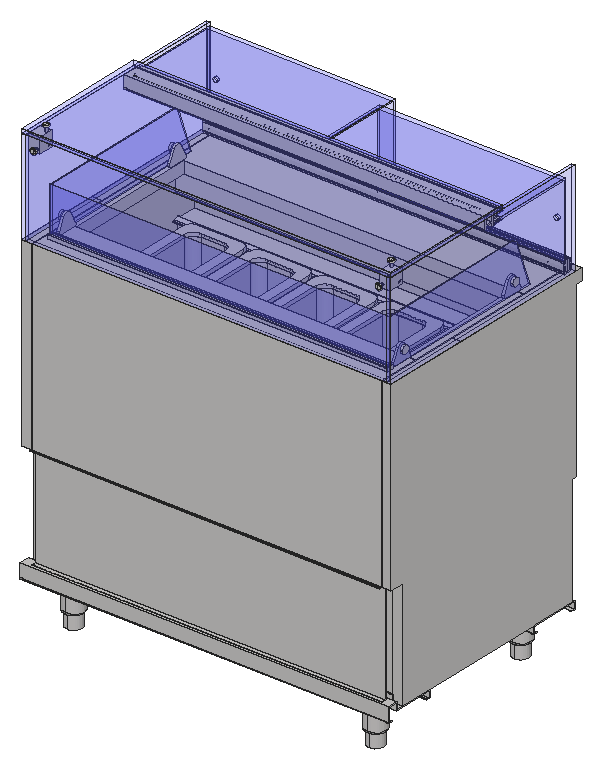
Revit family "Food-Service-Equipment_Oscartek_Gem_R4_G1000_cat", category Specialty Equipment, Revit 2026 (continued)
Nested families (in)
  nested 4: "PAN" at (23.1875, -20.60477, 25.93512) x (-1, 0, 0) z (0, 0, 1), type "PAN"
    with Type Mark "", Status "", Specification by User "", Revision Code "", Length 7", Item Number "", Installed By "", Identify Quantity as Lot yes, Furnished By "", Foodservice Equipment Identifier yes, Depth 14 3/16"
  nested 5: "PAN" at (30.21874, -20.60477, 25.93512) x (-1, 0, 0) z (0, 0, 1), type "PAN"
    with Type Mark "", Status "", Specification by User "", Revision Code "", Length 7", Item Number "", Installed By "", Identify Quantity as Lot yes, Furnished By "", Foodservice Equipment Identifier yes, Depth 14 3/16"
Connectors (in)
  piping at (5.90675, -4.56132, 4.9375), diameter 1
    settings: on Extrusion 33, index 1, connector inside diameter 24", connector length 0", flow factor 0, pipe flow 0 GPM, pressure drop 0.00 psi, fitting loss kfactor 0, connector angle 0.00°, fixture units 0, engagement length 0", angle of deflection 0.00°, flow configuration 1, flow direction 2, fitting loss method 0, system type 16, joint type 0, gender type 0, connector reference index -1, connector utility 0, adjustable connector no, is connector primary yes, connector description "DRAIN CONNECTION"
  piping at (6.5, -8.53494, 4.9375), diameter 1
    settings: on Extrusion 33, index 2, connector inside diameter 24", connector length 0", flow factor 0, pipe flow 0 GPM, pressure drop 0.00 psi, fitting loss kfactor 0, connector angle 0.00°, fixture units 0, engagement length 0", angle of deflection 0.00°, flow configuration 1, flow direction 1, fitting loss method 0, system type 7, joint type 0, gender type 0, connector reference index -1, connector utility 0, adjustable connector no, is connector primary no, connector description "LIQUID LINE"
  piping at (5.17708, -8.53494, 4.9375), diameter 1
    settings: on Extrusion 33, index 3, connector inside diameter 24", connector length 0", flow factor 0, pipe flow 0 GPM, pressure drop 0.00 psi, fitting loss kfactor 0, connector angle 0.00°, fixture units 0, engagement length 0", angle of deflection 0.00°, flow configuration 1, flow direction 1, fitting loss method 0, system type 7, joint type 0, gender type 0, connector reference index -1, connector utility 0, adjustable connector no, is connector primary no, connector description "SUCTION LINE"
  electrical at (30.7808, -0.66204, 7.10415), driven by "Volts", driven by "Watts"
    settings: on Extrusion 36, index 4, voltage 208 V, apparent load 1500 VA, apparent load phase1 0 VA, apparent load phase2 0 VA, apparent load phase3 0 VA, power factor 1, load classification "Other", number of poles 1, system type 30, power factor state 1, is connector primary yes, connector utility no, sub classification motor no, connector description "ELECTRICAL CONNECTION"
Definition of nested family "PAN"
  Parameters (values of type "PAN")
    Weight in Pounds = 0
    URL Cutsheet = ""
    Type Mark [instance] = ""
    Status [instance] = ""
    Specification by User [instance] = ""
    Specification by Manufacturer = ""
    Serial Number = ""
    Seismic Rating = ""
    SMACNA No = ""
    Revision Code [instance] = ""
    Omniclass Number and Title = ""
    NAFEM Spec ID Number = ""
    Model = "GEM STATIC 1500-78"
    Masterspec = ""
    Manufacturer = "OSCARTEK"
    Length [instance] = 7"  # constant formula
    Item Number [instance] = ""
    Installed By [instance] = ""
    Identify Quantity as Lot [instance] = yes
    Height = 5"
    Furnished By [instance] = ""
    Foodservice Equipment Identifier [instance] = yes
    Description = "GEM STATIC GELATO SHOWCASES"
    Depth [instance] = 14 3/16"  # constant formula
    Default Elevation = 0"
    CSI MasterFormat = ""
    CSI Master Format = ""
  Reference planes (in)
    plane 1 "BACK": y = 0
    plane 2: z = 0
    plane 3 "LEFT": x = 0
    plane 4 "RIGHT": x = 6.5
    plane 5 "FRONT": y = -14.1875
    plane 6 "TOP": z = 5
    plane 7 "Center Y": x = 3.25
    plane 8 "Center X": y = -7.09375
  Forms (in)
    Extrusion 1, solid
      sketch origin (0, 0, 0) x (1, 0, 0) y (0, 1, 0)
        loop
          arc (1, 0) -> (0.29289, -0.29289) -> (0, -1) r 1
          line (0, -1) -> (0, -13.1875)
          arc (0, -13.1875) -> (0.29289, -13.89461) -> (1, -14.1875) r 1
          line (1, -14.1875) -> (5.5, -14.1875)
          arc (5.5, -14.1875) -> (6.20711, -13.89461) -> (6.5, -13.1875) r 1
          line (6.5, -13.1875) -> (6.5, -1)
          arc (6.5, -1) -> (6.20711, -0.29289) -> (5.5, 0) r 1
          line (5.5, 0) -> (1, 0)
        loop
          arc (1, -12.1875) -> (1.29289, -12.89461) -> (2, -13.1875) r 1
          line (2, -13.1875) -> (4.5, -13.1875)
          arc (4.5, -13.1875) -> (5.20711, -12.89461) -> (5.5, -12.1875) r 1
          line (5.5, -12.1875) -> (5.5, -2)
          arc (5.5, -2) -> (5.20711, -1.29289) -> (4.5, -1) r 1
          line (4.5, -1) -> (2, -1)
          arc (2, -1) -> (1.29289, -1.29289) -> (1, -2) r 1
          line (1, -2) -> (1, -12.1875)
      from 4.68408 to 5
    Extrusion 2, solid
      sketch origin (0, 0, 0) x (1, 0, 0) y (0, 1, 0)
        loop
          line (4.5, -1) -> (2, -1)
          arc (2, -1) -> (1.29289, -1.29289) -> (1, -2) r 1
          line (1, -2) -> (1, -12.1875)
          arc (1, -12.1875) -> (1.29289, -12.89461) -> (2, -13.1875) r 1
          line (2, -13.1875) -> (4.5, -13.1875)
          arc (4.5, -13.1875) -> (5.20711, -12.89461) -> (5.5, -12.1875) r 1
          line (5.5, -12.1875) -> (5.5, -2)
          arc (5.5, -2) -> (5.20711, -1.29289) -> (4.5, -1) r 1
      from 0 to 0.125
    Extrusion 3, solid
      sketch origin (0, 0, 4.68408) x (0, 1, 0) y (1, 0, 0)
        loop
          line (-1, 2) -> (-1, 4.5)
          arc (-1, 4.5) -> (-1.29289, 5.20711) -> (-2, 5.5) r 1
          line (-2, 5.5) -> (-12.1875, 5.5)
          arc (-12.1875, 5.5) -> (-12.89461, 5.20711) -> (-13.1875, 4.5) r 1
          line (-13.1875, 4.5) -> (-13.1875, 2)
          arc (-13.1875, 2) -> (-12.89461, 1.29289) -> (-12.1875, 1) r 1
          line (-12.1875, 1) -> (-2, 1)
          arc (-2, 1) -> (-1.29289, 1.29289) -> (-1, 2) r 1
        loop
          line (-0.875, 2) -> (-0.875, 4.5)
          arc (-0.875, 4.5) -> (-1.2045, 5.2955) -> (-2, 5.625) r 1.125
          line (-2, 5.625) -> (-12.1875, 5.625)
          arc (-12.1875, 5.625) -> (-12.983, 5.2955) -> (-13.3125, 4.5) r 1.125
          line (-13.3125, 4.5) -> (-13.3125, 2)
          arc (-13.3125, 2) -> (-12.983, 1.2045) -> (-12.1875, 0.875) r 1.125
          line (-12.1875, 0.875) -> (-2, 0.875)
          arc (-2, 0.875) -> (-1.2045, 1.2045) -> (-0.875, 2) r 1.125
      from 0 to 4.68408
  Lines and regions (in)
    symbolic lines
      curve 1: line (5.5, 0, 0) -> (1, 0, 0)
      curve 2: arc (1, 0, 0) -> (0.29289, -0.29289, 0) -> (0, -1, 0) r 1
      curve 3: line (0, -1, 0) -> (0, -13.1875, 0)
      curve 4: arc (0, -13.1875, 0) -> (0.29289, -13.89461, 0) -> (1, -14.1875, 0) r 1
      curve 5: line (1, -14.1875, 0) -> (5.5, -14.1875, 0)
      curve 6: arc (5.5, -14.1875, 0) -> (6.20711, -13.89461, 0) -> (6.5, -13.1875, 0) r 1
      curve 7: line (6.5, -13.1875, 0) -> (6.5, -1, 0)
      curve 8: arc (6.5, -1, 0) -> (6.20711, -0.29289, 0) -> (5.5, 0, 0) r 1
      curve 9: line (1, -12.1875, 0) -> (1, -2, 0)
      curve 10: arc (1, -2, 0) -> (1.29289, -1.29289, 0) -> (2, -1, 0) r 1
      curve 11: line (2, -1, 0) -> (4.5, -1, 0)
      curve 12: arc (4.5, -1, 0) -> (5.20711, -1.29289, 0) -> (5.5, -2, 0) r 1
      curve 13: line (5.5, -2, 0) -> (5.5, -12.1875, 0)
      curve 14: arc (5.5, -12.1875, 0) -> (5.20711, -12.89461, 0) -> (4.5, -13.1875, 0) r 1
      curve 15: line (4.5, -13.1875, 0) -> (2, -13.1875, 0)
      curve 16: arc (2, -13.1875, 0) -> (1.29289, -12.89461, 0) -> (1, -12.1875, 0) r 1
  Dimensions and locks (in)
    equal spacing: plane 3 "LEFT", plane 7 "Center Y", plane 4 "RIGHT"
    plane 3 "LEFT" to plane 4 "RIGHT" = 6 1/2"
    equal spacing: plane 5 "FRONT", plane 8 "Center X", plane 1 "BACK"
    "Height": plane 6 "TOP" to level
    "Depth": plane 5 "FRONT" to plane 1 "BACK"
    plane 5 "FRONT" to plane 1 "BACK" = 14 3/16"
    plane 6 "TOP" to plane 2 = 5"
    Extrusion 1 sketch curve to plane 4 "RIGHT" = 1"
    locked: Extrusion 2 sketch curve to plane 4 "RIGHT" at 1
    locked: plane 6 "TOP" to Extrusion 1 at 0.31592
    aligned and locked: level to plane 2
    aligned and locked: Extrusion 3 to Extrusion 2
    aligned and locked: plane 6 "TOP" to Extrusion 1
  Automatic sketch dimensions
    Extrusion 1 sketch curve to plane 3 "LEFT" = 0"
    plane 1 "BACK" to Extrusion 1 sketch curve = 0"
    plane 5 "FRONT" to Extrusion 1 sketch curve = 0"
    Extrusion 1 sketch curve to plane 4 "RIGHT" = 0"
    plane 3 "LEFT" to Extrusion 1 sketch curve = 1"
    Extrusion 1 sketch curve to Extrusion 1 sketch curve = 1"  (x7)
    Extrusion 1 sketch curve to Extrusion 1 sketch curve = 0"  (x3)
    curve 2 to plane 3 "LEFT" = 0"
    plane 5 "FRONT" to curve 5 = 0"
    plane 1 "BACK" to curve 2 = 0"
    curve 6 to plane 4 "RIGHT" = 0"
    plane 3 "LEFT" to curve 5 = 1"
    curve 2 to curve 2 = 1"
    plane 4 "RIGHT" to curve 1 = 1"
    plane 4 "RIGHT" to curve 5 = 1"
    plane 3 "LEFT" to Extrusion 2 sketch curve = 1"
    Extrusion 2 sketch curve to Extrusion 2 sketch curve = 1"  (x4)
    Extrusion 2 sketch curve to plane 5 "FRONT" = 1"
    plane 1 "BACK" to Extrusion 2 sketch curve = 2"
    Extrusion 3 sketch curve to Extrusion 1 = 1"  (x2)
    Extrusion 3 sketch curve to Extrusion 3 sketch curve = 0"  (x7)
    Extrusion 1 to Extrusion 3 sketch curve = 1/8"
    plane 3 "LEFT" to curve 9 = 1"
    curve 2 to curve 11 = 1"
    curve 9 to curve 16 = 1"
    curve 11 to curve 8 = 1"
    curve 14 to curve 6 = 1"
    curve 13 to curve 8 = 0"
    curve 15 to plane 5 "FRONT" = 1"
    curve 13 to curve 8 = 1"
    radius of Extrusion 3 sketch curve to Extrusion 1 = 0"  (x2)
